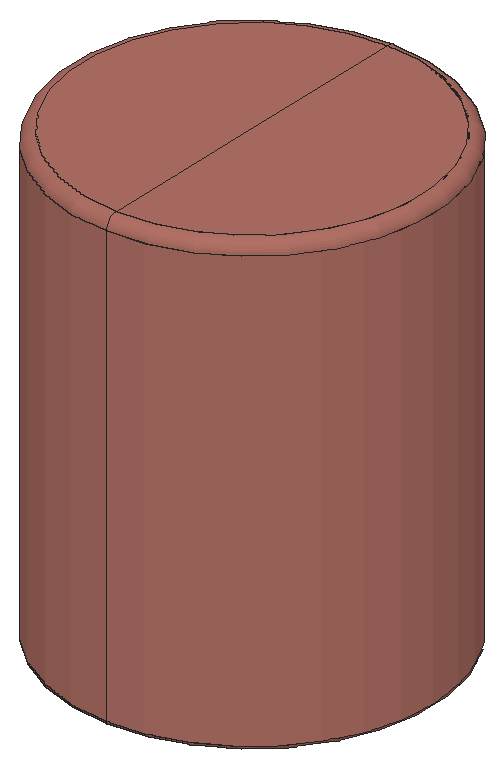
Revit family "Rocking 15in Stool High", category Generic Models, Revit 2018
Family settings
  Can host rebar = No
  Round Connector Dimension = Use Diameter
  Part Type = Normal
  Work Plane-Based = No
  Always vertical = Yes
  Cut with Voids When Loaded = No
  Shared = No
  Room Calculation Point = No
Parameters
  Fabric = Dot Rocking 15" Stool High Fabric
Reference planes (in)
  plane 1 "Center (Front/Back)": y = 0
  plane 2: z = 0
  plane 3 "Center (Left/Right)": x = 0
Forms (in)
  Revolve 1, solid, material "Dot-Rocking Base"
    sketch origin (0, 0, 0) x (0, 1, 0) y (0, 0, 1)
      loop
        line (0, 1.27726) -> (-6.69085, 1.27726)
        arc (-6.69085, 1.27726) -> (-6.73259, 1.25997) -> (-6.74988, 1.21822) r 0.05903
        line (-6.74988, 1.21822) -> (-6.74988, 1.02136)
        arc (-6.74988, 1.02136) -> (-6.70952, 0.92392) -> (-6.61208, 0.88356) r 0.1378
        line (-6.61208, 0.88356) -> (-6.47663, 0.88356)
        arc (-6.47663, 0.88356) -> (-3.26831, 0.22191) -> (0, 0) r 24.17922
        line (0, 0) -> (0, 1.27726)
      axis (0, 1.27726) -> (0, 0)
    angle from 0 to 360
  Revolve 2, solid, material "Dot Rocking 15" Stool High Fabric" <- "Fabric"
    sketch origin (0, 0, 0.78222) x (0, 1, 0) y (0, 0, 1)
      loop
        line (0, 19.24504) -> (-7.00037, 19.24504)
        arc (-7.00037, 19.24504) -> (-7.35387, 19.09861) -> (-7.5003, 18.74511) r 0.49993
        line (-7.5003, 18.74511) -> (-7.5003, 0.62005)
        arc (-7.5003, 0.62005) -> (-7.46369, 0.53165) -> (-7.37529, 0.49504) r 0.12501
        line (-7.37529, 0.49504) -> (0, 0.49504) -> (0, 19.24504)
      axis (0, 19.24504) -> (0, 0.49504)
    angle from 0 to 360
Dimensions and locks (in)
  aligned and locked: plane 2 to level
